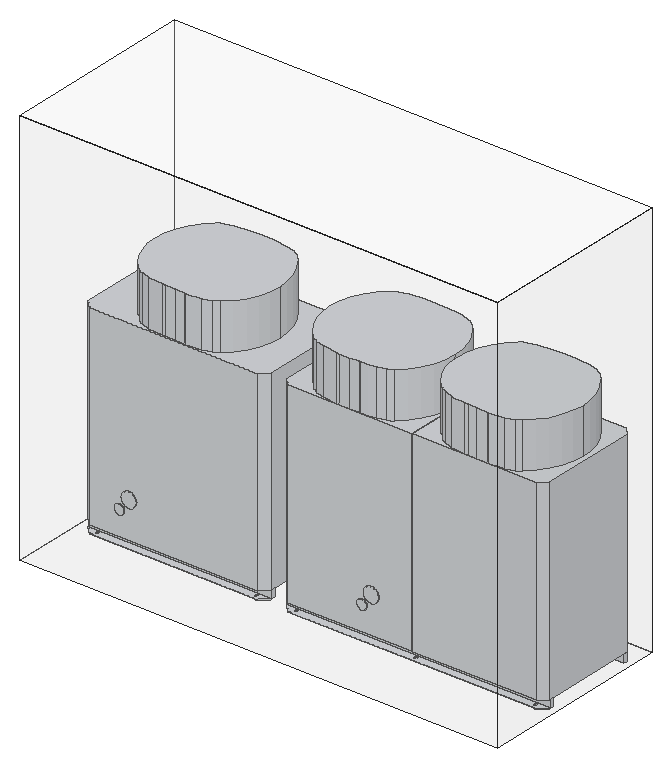
Revit family "pury-sep224_500(s)dmg9_50Hz", category 機械設備, Revit 2019 (continued)
Definition of nested family "筐体モジュール.（R2高効率）"
  Lines and regions (mm)
    symbolic lines, visible <- "ユニット4X"
      curve 301: arc (-694.112, 316.106, 0) -> (-802.132, 174.18, 0) -> (-840.507, 0, 0) r 414.476
      curve 302: arc (-840.507, 0, 0) -> (-802.132, -174.18, 0) -> (-694.112, -316.106, 0) r 414.476
      curve 303: arc (-694.112, -316.106, 0) -> (-676.871, -327.278, 0) -> (-658.4, -336.274, 0) r 168.924
      curve 304: arc (-658.4, -336.274, 0) -> (-630.711, -346.28, 0) -> (-602.194, -353.601, 0) r 308.609
      curve 305: arc (-602.194, -353.601, 0) -> (-554.089, -361, 0) -> (-505.475, -363.367, 0) r 468.429
      curve 306: arc (-505.475, -363.367, 0) -> (-497.937, -363.425, 0) -> (-490.403, -363.142, 0) r 167.153
      curve 307: line (-490.403, -363.142, 0) -> (-426.031, -363.142, 0)
      curve 308: line (-426.031, -363.142, 0) -> (-361.659, -363.142, 0)
      curve 309: arc (-361.659, -363.142, 0) -> (-354.125, -363.425, 0) -> (-346.586, -363.367, 0) r 167.153
      curve 310: arc (-346.586, -363.367, 0) -> (-296.703, -360.87, 0) -> (-247.368, -353.076, 0) r 468.429
      curve 311: arc (-247.368, -353.076, 0) -> (-220.13, -345.901, 0) -> (-193.659, -336.274, 0) r 308.61
      curve 312: arc (-193.659, -336.274, 0) -> (-174.719, -327.333, 0) -> (-157.039, -316.106, 0) r 167.985
      curve 313: arc (-157.039, -316.106, 0) -> (-49.249, -174.112, 0) -> (-10.965, 0, 0) r 415.066
      curve 314: arc (-10.965, 0, 0) -> (-49.249, 174.112, 0) -> (-157.039, 316.106, 0) r 415.066
      curve 315: arc (-157.039, 316.106, 0) -> (-174.719, 327.333, 0) -> (-193.659, 336.274, 0) r 167.985
      curve 316: arc (-193.659, 336.274, 0) -> (-220.13, 345.901, 0) -> (-247.368, 353.076, 0) r 308.61
      curve 317: arc (-247.368, 353.076, 0) -> (-296.703, 360.87, 0) -> (-346.586, 363.367, 0) r 468.429
      curve 318: line (-346.586, 363.367, 0) -> (-426.031, 363.367, 0)
      curve 319: line (-426.031, 363.367, 0) -> (-505.475, 363.367, 0)
      curve 320: arc (-505.475, 363.367, 0) -> (-554.089, 361, 0) -> (-602.194, 353.601, 0) r 468.429
      curve 321: arc (-602.194, 353.601, 0) -> (-630.711, 346.28, 0) -> (-658.4, 336.274, 0) r 308.609
      curve 322: arc (-658.4, 336.274, 0) -> (-677.005, 327.516, 0) -> (-694.112, 316.106, 0) r 138.853
      curve 323: arc (840.507, 0, 0) -> (802.132, 174.18, 0) -> (694.112, 316.106, 0) r 414.476
      curve 324: arc (694.112, 316.106, 0) -> (677.005, 327.516, 0) -> (658.4, 336.274, 0) r 138.853
      curve 325: arc (658.4, 336.274, 0) -> (630.711, 346.28, 0) -> (602.194, 353.601, 0) r 308.609
      curve 326: arc (602.194, 353.601, 0) -> (554.089, 361, 0) -> (505.475, 363.367, 0) r 468.429
      curve 327: line (505.475, 363.367, 0) -> (426.031, 363.367, 0)
      curve 328: line (426.031, 363.367, 0) -> (346.586, 363.367, 0)
      curve 329: arc (346.586, 363.367, 0) -> (297.973, 361, 0) -> (249.868, 353.601, 0) r 468.429
      curve 330: arc (249.868, 353.601, 0) -> (221.351, 346.28, 0) -> (193.661, 336.274, 0) r 308.609
      curve 331: arc (193.661, 336.274, 0) -> (175.191, 327.278, 0) -> (157.949, 316.106, 0) r 168.924
      curve 332: arc (157.949, 316.106, 0) -> (49.93, 174.18, 0) -> (11.555, 0, 0) r 414.476
      curve 333: arc (11.555, 0, 0) -> (49.93, -174.18, 0) -> (157.949, -316.106, 0) r 414.476
      curve 334: arc (157.949, -316.106, 0) -> (175.191, -327.278, 0) -> (193.661, -336.274, 0) r 168.924
      curve 335: arc (193.661, -336.274, 0) -> (221.351, -346.28, 0) -> (249.868, -353.601, 0) r 308.609
      curve 336: arc (249.868, -353.601, 0) -> (297.973, -361, 0) -> (346.586, -363.367, 0) r 468.429
      curve 337: arc (346.586, -363.367, 0) -> (354.125, -363.425, 0) -> (361.659, -363.142, 0) r 167.153
      curve 338: line (361.659, -363.142, 0) -> (426.031, -363.142, 0)
      curve 339: line (426.031, -363.142, 0) -> (490.403, -363.142, 0)
      curve 340: arc (490.403, -363.142, 0) -> (497.937, -363.425, 0) -> (505.475, -363.367, 0) r 167.153
      curve 341: arc (505.475, -363.367, 0) -> (554.089, -361, 0) -> (602.194, -353.601, 0) r 468.429
      curve 342: arc (602.194, -353.601, 0) -> (630.711, -346.28, 0) -> (658.4, -336.274, 0) r 308.609
      curve 343: arc (658.4, -336.274, 0) -> (676.871, -327.278, 0) -> (694.112, -316.106, 0) r 168.924
      curve 344: arc (694.112, -316.106, 0) -> (802.132, -174.18, 0) -> (840.507, 0, 0) r 414.476
      curve 345: line (-875, 320.831, 0) -> (-875, -320.583, 0)
      curve 346: line (-825.831, 370, 0) -> (-875, 320.831, 0)
      curve 347: line (-875, -320.583, 0) -> (-825.583, -370, 0)
      curve 348: line (825.831, 370, 0) -> (-825.831, 370, 0)
      curve 349: line (875, 320.831, 0) -> (825.831, 370, 0)
      curve 350: line (875, -320.583, 0) -> (875, 320.831, 0)
      curve 351: line (825.583, -370, 0) -> (875, -320.583, 0)
      curve 352: line (-825.583, -370, 0) -> (825.583, -370, 0)
      curve 353: line (4.756, 370, 0) -> (4.756, -370, 0)
      curve 354: line (-4.756, -370, 0) -> (-4.756, 370, 0)
  Dimensions and locks
    "Depth": plane 4 to plane 5
    equal spacing: plane 4, plane 1 "中心(正面/背面)", plane 5
    "W": plane 6 to plane 21
    locked: plane 11 "本体下部" to plane 2 at 54
    plane 4 to plane 9 to plane 10 to plane 14 to plane 13 to plane 12 = 57 mm locked, 20 mm locked, 586 mm locked, 20 mm locked, 57 mm locked
    locked: plane 12 to plane 15 at 29.5
    locked: plane 4 to plane 17 at 29.5
    "冷媒液_Z": plane 18 "電源高さ" to level
    plane 8 to plane 7 = 303 mm
    plane 7 to plane 2 = 1347 mm
    "Height": plane 8 to plane 2
    "冷媒管径_Z": level to plane 19 "冷媒管高さ"
    locked: plane 6 to plane 16 at 80
    locked: plane 11 "本体下部" to plane 20 "冷媒操作弁ガス芯4" at 1
    equal spacing: plane 6, plane 3 "中心(左/右)", plane 21
    equal spacing: plane 22, plane 3 "中心(左/右)", plane 23
    "Width": plane 22 to plane 23
    "冷媒ガス_Y": plane 4 to plane 27
    "冷媒管径_Y": plane 4 to plane 28
    "冷媒液_Y": plane 4 to plane 29
    "冷媒ガス_Z": plane 30 to level
    "冷媒液_X": plane 22 to plane 24
    "冷媒管径_X": plane 22 to plane 25
    "冷媒ガス_X": plane 24 to plane 26
    locked: plane 31 to plane 21 at 80
    "冷媒ガス管径": diameter of Extrusion 8 sketch curve
    "冷媒液管径": diameter of Extrusion 7 sketch curve
    "冷媒管径": diameter of Extrusion 6 sketch curve
    "冷媒管径": diameter of Extrusion 5 sketch curve
    aligned and locked: Extrusion 1 to plane 6
    aligned and locked: curve 3 to plane 6
    aligned and locked: plane 10 to Extrusion 2 sketch curve
    aligned and locked: plane 6 to Extrusion 2 sketch curve
    aligned and locked: Extrusion 2 sketch curve to plane 9
    aligned and locked: Extrusion 1 to plane 11 "本体下部"
    aligned and locked: plane 11 "本体下部" to Extrusion 1  (x2)
    aligned and locked: plane 7 to Extrusion 1
    aligned and locked: plane 4 to Extrusion 4
    aligned and locked: plane 9 to Extrusion 2
    aligned and locked: plane 11 "本体下部" to Extrusion 6
    aligned and locked: Extrusion 7 to plane 20 "冷媒操作弁ガス芯4"
    aligned and locked: plane 11 "本体下部" to Extrusion 7
    aligned and locked: plane 11 "本体下部" to Extrusion 8
    aligned and locked: Extrusion 7 to Extrusion 8
    aligned and locked: Extrusion 7 to Extrusion 6
    aligned and locked: Extrusion 1 sketch curve to plane 21
    aligned and locked: Extrusion 1 sketch curve to plane 12
    aligned and locked: Extrusion 1 sketch curve to plane 4
    aligned and locked: Extrusion 1 sketch curve to Extrusion 4
    aligned and locked: curve 203 to plane 21
    aligned and locked: plane 25 to Extrusion 6 sketch curve
    aligned and locked: plane 28 to Extrusion 6 sketch curve
    aligned and locked: plane 26 to Extrusion 8 sketch curve
    aligned and locked: plane 27 to Extrusion 8 sketch curve
    aligned and locked: plane 29 to Extrusion 7 sketch curve
    aligned and locked: plane 24 to Extrusion 7 sketch curve
    aligned and locked: plane 19 "冷媒管高さ" to Extrusion 5 sketch curve
    aligned and locked: plane 25 to Extrusion 5 sketch curve
    aligned and locked: curve 301 to Extrusion 11
    aligned and locked: curve 302 to Extrusion 11
    aligned and locked: curve 303 to Extrusion 11
    aligned and locked: curve 304 to Extrusion 11
    aligned and locked: curve 305 to Extrusion 11
    aligned and locked: curve 306 to Extrusion 11
    aligned and locked: curve 307 to Extrusion 11
    aligned and locked: curve 308 to Extrusion 11
    aligned and locked: curve 309 to Extrusion 11
    aligned and locked: curve 310 to Extrusion 11
    aligned and locked: curve 311 to Extrusion 11
    aligned and locked: curve 312 to Extrusion 11
    aligned and locked: curve 313 to Extrusion 11
    aligned and locked: curve 314 to Extrusion 11
    aligned and locked: curve 315 to Extrusion 11
    aligned and locked: curve 316 to Extrusion 11
    aligned and locked: curve 317 to Extrusion 11
    aligned and locked: curve 318 to Extrusion 11
    aligned and locked: curve 319 to Extrusion 11
    aligned and locked: curve 320 to Extrusion 11
    aligned and locked: curve 321 to Extrusion 11
    aligned and locked: curve 322 to Extrusion 11
    aligned and locked: curve 323 to Extrusion 10
    aligned and locked: curve 324 to Extrusion 10
    aligned and locked: curve 325 to Extrusion 10
    aligned and locked: curve 326 to Extrusion 10
    aligned and locked: curve 327 to Extrusion 10
    aligned and locked: curve 328 to Extrusion 10
    aligned and locked: curve 329 to Extrusion 10
    aligned and locked: curve 330 to Extrusion 10
    aligned and locked: curve 331 to Extrusion 10
    aligned and locked: curve 332 to Extrusion 10
    aligned and locked: curve 333 to Extrusion 10
    aligned and locked: curve 334 to Extrusion 10
    aligned and locked: curve 335 to Extrusion 10
    aligned and locked: curve 336 to Extrusion 10
    aligned and locked: curve 337 to Extrusion 10
    aligned and locked: curve 338 to Extrusion 10
    aligned and locked: curve 339 to Extrusion 10
    aligned and locked: curve 340 to Extrusion 10
    aligned and locked: curve 341 to Extrusion 10
    aligned and locked: curve 342 to Extrusion 10
    aligned and locked: curve 343 to Extrusion 10
    aligned and locked: curve 344 to Extrusion 10
    aligned and locked: curve 345 to Extrusion 1
    aligned and locked: curve 346 to Extrusion 1
    aligned and locked: curve 347 to Extrusion 1
    aligned and locked: curve 348 to Extrusion 9
    aligned and locked: curve 349 to Extrusion 1
    aligned and locked: curve 350 to Extrusion 1
    aligned and locked: curve 351 to Extrusion 1
    aligned and locked: curve 352 to Extrusion 4
    aligned and locked: curve 353 to Extrusion 1
    aligned and locked: curve 354 to Extrusion 1
    aligned and locked: plane 17 to nested 2
    aligned and locked: plane 15 to nested 2
    aligned and locked: plane 16 to nested 2
    aligned and locked: plane 31 to nested 1
    aligned and locked: plane 17 to nested 1
    aligned and locked: plane 15 to nested 1
    aligned and locked: plane 3 "中心(左/右)" to nested 2
    aligned and locked: plane 3 "中心(左/右)" to nested 1
    aligned and locked: Masking region 1 sketch curve to curve 346
    aligned and locked: Masking region 1 sketch curve to curve 345
    aligned and locked: Masking region 1 sketch curve to curve 347
    aligned and locked: Masking region 1 sketch curve to curve 352
    aligned and locked: Masking region 1 sketch curve to curve 351
    aligned and locked: Masking region 1 sketch curve to curve 350
    aligned and locked: Masking region 1 sketch curve to curve 349
    aligned and locked: Masking region 1 sketch curve to curve 348
  Automatic sketch dimensions
    Extrusion 2 sketch curve to plane 21 = 0 mm
    Extrusion 3 sketch curve to plane 6 = 0 mm
    Extrusion 3 sketch curve to plane 13 = 0 mm
    Extrusion 3 sketch curve to plane 21 = 0 mm
    Extrusion 3 sketch curve to plane 14 = 0 mm
    Extrusion 10 sketch curve to Extrusion 10 sketch curve = 0 mm  (x4)
    plane 1 "中心(正面/背面)" to Extrusion 10 sketch curve = 0 mm  (x2)
    Extrusion 10 sketch curve to plane 21 = 266.274 mm
    Extrusion 10 sketch curve to plane 21 = 281.195 mm
    Extrusion 10 sketch curve to plane 1 "中心(正面/背面)" = 51.367 mm  (x2)
    Extrusion 10 sketch curve to Extrusion 10 sketch curve = 68.933 mm
    plane 1 "中心(正面/背面)" to Extrusion 10 sketch curve = 51.367 mm  (x2)
    Extrusion 10 sketch curve to Extrusion 10 sketch curve = 32.763 mm  (x4)
    plane 5 to Extrusion 10 sketch curve = 6.633 mm
    Extrusion 10 sketch curve to Extrusion 10 sketch curve = 103.251 mm
    Extrusion 10 sketch curve to Extrusion 10 sketch curve = 6.599 mm  (x2)
    Extrusion 10 sketch curve to plane 4 = 6.858 mm
    Extrusion 10 sketch curve to Extrusion 10 sketch curve = 10.027 mm
    Extrusion 10 sketch curve to Extrusion 10 sketch curve = 113.762 mm
    Extrusion 10 sketch curve to Extrusion 10 sketch curve = 64.372 mm  (x2)
    Extrusion 10 sketch curve to Extrusion 10 sketch curve = 79.445 mm  (x2)
    Extrusion 10 sketch curve to Extrusion 10 sketch curve = 148.799 mm
    Extrusion 10 sketch curve to Extrusion 10 sketch curve = 80.998 mm
    Extrusion 10 sketch curve to Extrusion 10 sketch curve = 86.775 mm
    Extrusion 10 sketch curve to Extrusion 10 sketch curve = 93.374 mm
    Extrusion 10 sketch curve to Extrusion 10 sketch curve = 155.243 mm
    Extrusion 10 sketch curve to plane 14 = 112.812 mm
    Extrusion 10 sketch curve to plane 1 "中心(正面/背面)" = 105.059 mm
    Extrusion 10 sketch curve to Extrusion 10 sketch curve = 53.692 mm  (x3)
    Extrusion 10 sketch curve to plane 17 = 4.226 mm  (x2)
    Extrusion 10 sketch curve to Extrusion 10 sketch curve = 64.596 mm
    Extrusion 10 sketch curve to plane 15 = 4.226 mm  (x2)
    Extrusion 10 sketch curve to Extrusion 10 sketch curve = 49.674 mm
    plane 13 to Extrusion 10 sketch curve = 3.106 mm
    plane 17 to Extrusion 10 sketch curve = 13.101 mm  (x2)
    Extrusion 10 sketch curve to plane 4 = 6.633 mm
    plane 15 to Extrusion 10 sketch curve = 13.101 mm
    plane 9 to Extrusion 10 sketch curve = 3.106 mm
    Extrusion 11 sketch curve to Extrusion 11 sketch curve = 0 mm  (x3)
    Extrusion 11 sketch curve to plane 1 "中心(正面/背面)" = 0 mm
    plane 1 "中心(正面/背面)" to Extrusion 11 sketch curve = 0 mm
    plane 1 "中心(正面/背面)" to Extrusion 11 sketch curve = 51.367 mm  (x2)
    Extrusion 11 sketch curve to Extrusion 11 sketch curve = 32.763 mm  (x4)
    plane 5 to Extrusion 11 sketch curve = 6.633 mm
    Extrusion 11 sketch curve to Extrusion 11 sketch curve = 6.599 mm  (x2)
    Extrusion 11 sketch curve to plane 4 = 6.858 mm
    Extrusion 11 sketch curve to Extrusion 11 sketch curve = 113.762 mm  (x2)
    Extrusion 11 sketch curve to Extrusion 11 sketch curve = 64.372 mm  (x2)
    Extrusion 11 sketch curve to Extrusion 11 sketch curve = 79.445 mm  (x2)
    Extrusion 11 sketch curve to Extrusion 11 sketch curve = 91.232 mm  (x2)
    Extrusion 11 sketch curve to Extrusion 11 sketch curve = 53.692 mm  (x3)
    Extrusion 11 sketch curve to plane 1 "中心(正面/背面)" = 51.367 mm  (x2)
    Extrusion 11 sketch curve to Extrusion 11 sketch curve = 75.129 mm
    Extrusion 11 sketch curve to Extrusion 11 sketch curve = 101.551 mm
    Extrusion 11 sketch curve to plane 17 = 4.226 mm  (x2)
    Extrusion 11 sketch curve to Extrusion 11 sketch curve = 64.596 mm
    Extrusion 11 sketch curve to plane 15 = 4.226 mm  (x2)
    Extrusion 11 sketch curve to Extrusion 11 sketch curve = 49.674 mm
    plane 13 to Extrusion 11 sketch curve = 3.106 mm
    plane 17 to Extrusion 11 sketch curve = 13.101 mm
    Extrusion 11 sketch curve to plane 4 = 6.633 mm
    plane 9 to Extrusion 11 sketch curve = 3.106 mm
    Extrusion 11 sketch curve to Extrusion 11 sketch curve = 80.998 mm
    Extrusion 11 sketch curve to Extrusion 11 sketch curve = 93.374 mm
    Extrusion 11 sketch curve to Extrusion 11 sketch curve = 101.697 mm
    plane 16 to Extrusion 11 sketch curve = 186.274 mm
    Extrusion 11 sketch curve to Extrusion 11 sketch curve = 152.925 mm
    Extrusion 11 sketch curve to Extrusion 11 sketch curve = 111.791 mm
    Extrusion 11 sketch curve to Extrusion 11 sketch curve = 148.799 mm
    Extrusion 11 sketch curve to Extrusion 11 sketch curve = 89.275 mm
    Extrusion 11 sketch curve to Extrusion 11 sketch curve = 95.874 mm
    plane 15 to Extrusion 11 sketch curve = 12.576 mm
    plane 17 to Extrusion 11 sketch curve = 12.576 mm
    Extrusion 10 sketch curve to Extrusion 10 sketch curve = 75.129 mm  (x2)
    Extrusion 11 sketch curve to Extrusion 11 sketch curve = 16.103 mm  (x2)
    Extrusion 10 sketch curve to Extrusion 10 sketch curve = 91.232 mm  (x2)
    Extrusion 11 sketch curve to plane 10 = 96.709 mm
    Extrusion 9 sketch curve to plane 6 = 0 mm
    plane 5 to Extrusion 9 sketch curve = 0 mm
    Extrusion 9 sketch curve to plane 16 = 0 mm
    Extrusion 9 sketch curve to plane 3 "中心(左/右)" = 0 mm
    Extrusion 9 sketch curve to plane 21 = 0 mm
    Extrusion 9 sketch curve to plane 13 = 0 mm
    plane 16 to Extrusion 9 sketch curve = 30.583 mm
    Extrusion 9 sketch curve to plane 15 = 3 mm  (x3)
    Extrusion 9 sketch curve to Extrusion 9 sketch curve = 7 mm  (x3)
    plane 15 to Extrusion 9 sketch curve = 3 mm  (x3)
    plane 21 to Extrusion 9 sketch curve = 87 mm
    Extrusion 9 sketch curve to Extrusion 9 sketch curve = 23.583 mm
    Extrusion 9 sketch curve to plane 13 = 7.583 mm  (x2)
    Extrusion 1 sketch curve to plane 6 = 0 mm
    plane 5 to Extrusion 1 sketch curve = 0 mm
    plane 4 to Extrusion 1 sketch curve = 0 mm
    Extrusion 1 sketch curve to plane 16 = 30.831 mm
    Extrusion 1 sketch curve to plane 16 = 30.583 mm
    Extrusion 1 sketch curve to plane 3 "中心(左/右)" = 4.756 mm
    plane 3 "中心(左/右)" to Extrusion 1 sketch curve = 4.756 mm
    Extrusion 1 sketch curve to plane 21 = 49.169 mm
    plane 9 to Extrusion 1 sketch curve = 7.583 mm
    plane 13 to Extrusion 1 sketch curve = 7.831 mm  (x2)
    Extrusion 4 sketch curve to plane 6 = 0 mm
    plane 4 to Extrusion 4 sketch curve = 0 mm
    Extrusion 4 sketch curve to plane 16 = 0 mm
    Extrusion 4 sketch curve to plane 3 "中心(左/右)" = 0 mm
    Extrusion 4 sketch curve to plane 21 = 0 mm
    plane 9 to Extrusion 4 sketch curve = 0 mm
    Extrusion 4 sketch curve to plane 16 = 30.583 mm
    plane 17 to Extrusion 4 sketch curve = 3 mm  (x3)
    Extrusion 4 sketch curve to Extrusion 4 sketch curve = 7 mm  (x3)
    Extrusion 4 sketch curve to plane 17 = 3 mm  (x3)
    Extrusion 4 sketch curve to plane 21 = 87 mm
    Extrusion 4 sketch curve to Extrusion 4 sketch curve = 23.583 mm
    plane 9 to Extrusion 4 sketch curve = 7.583 mm  (x2)
    curve 306 to curve 307 = 64.372 mm
    curve 319 to curve 317 = 79.445 mm
    curve 337 to curve 338 = 64.372 mm
    curve 328 to curve 328 = 79.445 mm
  Nested families
    nested 1: "固定点" at (0, -340.5, 0), visible <- "ユニット4X", type "固定点", detail levels fine
      with W 795 mm, D 681 mm
    nested 2: "固定点" at (-795, -340.5, 0), visible <- "ユニット4X", type "固定点", detail levels fine
      with W 795 mm, D 681 mm
  Definition of nested family "固定点"
    Parameters (values of type "固定点")
      中心円 = 20 mm
      W [instance] = 1000 mm
      D [instance] = 1000 mm
    Reference planes
      plane 1 "中心(正面/背面)": y = 0
      plane 2: z = 0
      plane 3 "中心(左/右)": x = 0
      plane 4: x = 1000
      plane 5: y = 1000
    Lines and regions (mm)
      symbolic lines, detail levels fine
        curve 1: circle (0, 1000, 0) r 10 normal (0, 0, 1)
        curve 2: circle (0, 0, 0) r 10 normal (0, 0, 1)
        curve 3: circle (1000, 1000, 0) r 10 normal (0, 0, 1)
        curve 4: circle (1000, 0, 0) r 10 normal (0, 0, 1)
        curve 5: line (-200, 1000, 0) -> (1200, 1000, 0)
        curve 6: line (-200, 0, 0) -> (1200, 0, 0)
        curve 7: line (0, 1200, 0) -> (0, -200, 0)
        curve 8: line (1000, 1200, 0) -> (1000, -200, 0)
    Dimensions and locks
      "W": plane 3 "中心(左/右)" to plane 4
      "D": plane 1 "中心(正面/背面)" to plane 5
      "中心円": diameter of curve 1
      "中心円": diameter of curve 2
      "中心円": diameter of curve 3
      "中心円": diameter of curve 4
      aligned and locked: level to plane 2
      aligned and locked: plane 5 to curve 1
      aligned and locked: plane 3 "中心(左/右)" to curve 1
      aligned and locked: plane 3 "中心(左/右)" to curve 2
      aligned and locked: plane 1 "中心(正面/背面)" to curve 2
      aligned and locked: plane 4 to curve 3
      aligned and locked: plane 5 to curve 3
      aligned and locked: plane 1 "中心(正面/背面)" to curve 4
      aligned and locked: plane 4 to curve 4
      aligned and locked: plane 1 "中心(正面/背面)" to curve 6
      aligned and locked: curve 7 to plane 3 "中心(左/右)"
      aligned and locked: curve 8 to plane 4
    Automatic sketch dimensions
      curve 5 to plane 5 = 0 mm
      curve 6 to plane 3 "中心(左/右)" = 200 mm
      curve 5 to plane 3 "中心(左/右)" = 200 mm
      curve 4 to curve 6 = 200 mm
      curve 3 to curve 5 = 200 mm
      plane 1 "中心(正面/背面)" to curve 8 = 200 mm
      plane 1 "中心(正面/背面)" to curve 7 = 200 mm
      curve 3 to curve 8 = 200 mm
      curve 1 to curve 7 = 200 mm
Definition of nested family "筐体モジュール（R2高効率）"
  Parameters (values of type "280筐体")
    冷媒管径_Z [instance] = 294.5 mm
    冷媒管径_Y [instance] = 146 mm
    冷媒管径_X [instance] = 314 mm
    冷媒管径 [instance] = 100 mm
    冷媒液管径 [instance] = 19.05 mm
    冷媒液_Z [instance] = 327 mm
    冷媒液_Y [instance] = 146 mm
    冷媒液_X [instance] = 244 mm
    冷媒ガス管径 [instance] = 22.2 mm
    冷媒ガス_Z [instance] = 262 mm
    冷媒ガス_Y [instance] = 146 mm
    冷媒ガス_X [instance] = 140 mm
    ユニット234X [instance] = and(ユニット2, or(Width = 920 mm, Width = 1220 mm))  # yes
    ユニット2 [instance] = yes
    Width [instance] = 1220 mm
    W = 1220 mm
    Height [instance] = 1650 mm
    Depth [instance] = 740 mm
  Types (4, lengths in mm): name | 冷媒管径_X | 冷媒液管径 | 冷媒液_X | 冷媒ガス管径 | Width | W
    335筐体 | 314 | 19.05 | 244 | 22.2 | 1220 | 1220
    224筐体 | 264 | 15.88 | 194 | 19.05 | 920 | 920
    280筐体 | 314 | 19.05 | 244 | 22.2 | 1220 | 1220
    400筐体 | 314 | 19.05 | 244 | 25.4 | 1220 | 1220
  Reference planes
    plane 1 "中心(正面/背面)": y = 0
    plane 2: z = 0
    plane 3 "中心(左/右)": x = 0
    plane 4: y = -370
    plane 5: x = 610
    plane 6: y = 370
    plane 7: x = -610
    plane 8: z = 1347
    plane 9: z = 1650
    plane 10: y = -313
    plane 11: y = -293
    plane 12 "本体下部": z = 54
    plane 13: y = 370
    plane 14: y = 313
    plane 15: y = 293
    plane 16: y = 340.5
    plane 17: x = -530
    plane 18: x = 530
    plane 19: y = -340.5
    plane 20 "電源高さ": z = 327
    plane 21: x = -296
    plane 22 "冷媒操作弁液芯1": x = -366
    plane 23 "冷媒操作弁ガス芯1": x = -226
    plane 24 "冷媒管高さ": z = 294.5
    plane 25 "冷媒操作弁ガス芯4": z = 53
    plane 26: x = -610
    plane 27: x = 610
    plane 28: y = -224
    plane 29: y = -224
    plane 30: z = 262
    plane 31: y = -224
  Forms (mm)
    Extrusion 1, solid, visible <- "ユニット234X", detail levels fine
      sketch origin (0, 0, 0) x (1, 0, 0) y (0, 1, 0)
        loop
          line (-558.343, 370) -> (-610, 318.843) -> (-610, -318.843) -> (-558.343, -370) -> (558.343, -370) -> (610, -318.843) -> (610, 318.843) -> (558.343, 370) -> (-558.343, 370)
      from 54 to 1347
    Extrusion 2, solid, visible <- "ユニット234X", detail levels fine
      sketch origin (0, 0, 0) x (1, 0, 0) y (0, 1, 0)
        loop
          line (-610, -293) -> (-610, -313) -> (610, -313) -> (610, -293) -> (-610, -293)
      from 0 to 54
    Extrusion 3, solid, visible <- "ユニット234X", detail levels fine
      sketch origin (0, 0, 0) x (1, 0, 0) y (0, 1, 0)
        loop
          line (-610, 293) -> (610, 293) -> (610, 313) -> (-610, 313) -> (-610, 293)
      from 0 to 54
    Extrusion 4, solid, visible <- "ユニット234X", detail levels fine
      sketch origin (0, 0, 0) x (1, 0, 0) y (0, 1, 0)
        loop
          line (-610, 313) -> (610, 313) -> (610, 318.843) -> (558.343, 370) -> (-558.343, 370) -> (-610, 318.843) -> (-610, 313)
        loop
          arc (-523, 343.5) -> (-530, 350.5) -> (-537, 343.5) r 7
          line (-537, 343.5) -> (-537, 337.5)
          arc (-537, 337.5) -> (-530, 330.5) -> (-523, 337.5) r 7
          line (-523, 337.5) -> (-523, 343.5)
        loop
          arc (537, 343.5) -> (530, 350.5) -> (523, 343.5) r 7
          line (523, 343.5) -> (523, 337.5)
          arc (523, 337.5) -> (530, 330.5) -> (537, 337.5) r 7
          line (537, 337.5) -> (537, 343.5)
      from 0 to 2
    Extrusion 5, solid, visible <- "ユニット234X", detail levels fine
      sketch origin (0, 0, 0) x (1, 0, 0) y (0, 1, 0)
        loop
          line (-610, -313) -> (-610, -318.843) -> (-558.343, -370) -> (558.343, -370) -> (610, -318.843) -> (610, -313) -> (-610, -313)
        loop
          line (-523, -343.5) -> (-523, -337.5)
          arc (-523, -337.5) -> (-530, -330.5) -> (-537, -337.5) r 7
          line (-537, -337.5) -> (-537, -343.5)
          arc (-537, -343.5) -> (-530, -350.5) -> (-523, -343.5) r 7
        loop
          line (537, -343.5) -> (537, -337.5)
          arc (537, -337.5) -> (530, -330.5) -> (523, -337.5) r 7
          line (523, -337.5) -> (523, -343.5)
          arc (523, -343.5) -> (530, -350.5) -> (537, -343.5) r 7
      from 0 to 2
    Extrusion 6, solid, visible <- "ユニット234X", detail levels fine
      sketch origin (-299.5, 0, -2.5) x (1, 0, 0) y (0, 0, 1)
        loop
          circle (3.5, 297) r 50
      from 370 to 371
    Extrusion 7, solid, visible <- "ユニット234X", detail levels fine
      sketch origin (0, 0, 0) x (1, 0, 0) y (0, 1, 0)
        loop
          arc (-268.081, 316.106) -> (-376.101, 174.18) -> (-414.476, 0) r 414.476
          arc (-414.476, 0) -> (-376.101, -174.18) -> (-268.081, -316.106) r 414.476
          arc (-268.081, -316.106) -> (-250.84, -327.278) -> (-232.369, -336.274) r 168.924
          arc (-232.369, -336.274) -> (-204.68, -346.28) -> (-176.163, -353.601) r 308.609
          arc (-176.163, -353.601) -> (-128.058, -361) -> (-79.445, -363.367) r 468.429
          arc (-79.445, -363.367) -> (-71.906, -363.425) -> (-64.372, -363.142) r 167.153
          line (-64.372, -363.142) -> (0, -363.142) -> (64.372, -363.142)
          arc (64.372, -363.142) -> (71.906, -363.425) -> (79.445, -363.367) r 167.153
          arc (79.445, -363.367) -> (128.058, -361) -> (176.163, -353.601) r 468.429
          arc (176.163, -353.601) -> (204.68, -346.28) -> (232.369, -336.274) r 308.609
          arc (232.369, -336.274) -> (250.84, -327.278) -> (268.081, -316.106) r 168.924
          arc (268.081, -316.106) -> (376.101, -174.18) -> (414.476, 0) r 414.476
          arc (414.476, 0) -> (376.101, 174.18) -> (268.082, 316.106) r 414.476
          arc (268.082, 316.106) -> (250.84, 327.278) -> (232.369, 336.274) r 168.924
          arc (232.369, 336.274) -> (204.68, 346.28) -> (176.163, 353.601) r 308.609
          arc (176.163, 353.601) -> (128.058, 361) -> (79.445, 363.367) r 468.429
          line (79.445, 363.367) -> (0, 363.367) -> (-79.445, 363.367)
          arc (-79.445, 363.367) -> (-128.058, 361) -> (-176.163, 353.601) r 468.429
          arc (-176.163, 353.601) -> (-204.68, 346.28) -> (-232.369, 336.274) r 308.609
          arc (-232.369, 336.274) -> (-250.974, 327.516) -> (-268.081, 316.106) r 138.853
      from 1347 to 1650
    Extrusion 8, solid, visible <- "ユニット234X", detail levels fine
      sketch origin (0, 0, 0) x (1, 0, 0) y (0, 1, 0)
        loop
          circle (-296, -224) r 50
      from 53 to 54
    Extrusion 9, solid, visible <- "ユニット234X", detail levels fine
      sketch origin (0, 0, 0) x (1, 0, 0) y (0, 1, 0)
        loop
          circle (-366, -224) r 9.525
      from 53 to 54
    Extrusion 10, solid, visible <- "ユニット234X", detail levels fine
      sketch origin (0, 0, 0) x (1, 0, 0) y (0, 1, 0)
        loop
          circle (-226, -224) r 11.1
      from 53 to 54
  Lines and regions (mm)
    Masking region 1, visible <- "ユニット234X", detail levels coarse+medium
      outline origin (0, 0, 0) x (1, 0, 0) y (0, 1, 0)
        loop
          line (-558.343, 370) -> (-610, 318.843) -> (-610, -318.843) -> (-558.343, -370) -> (558.343, -370) -> (610, -318.843) -> (610, 318.843) -> (558.343, 370) -> (-558.343, 370)
    model lines, visible <- "ユニット234X", detail levels fine
      curve 1: line (610, 178.667, 1289.179) -> (610, 297.73, 1289.179)
      curve 2: line (610, 178.667, 1056.056) -> (610, 178.667, 1289.179)
      curve 3: line (610, 297.73, 1056.056) -> (610, 178.667, 1056.056)
      curve 4: line (610, 297.73, 1289.179) -> (610, 297.73, 1056.056)
      curve 5: line (610, 47.598, 1289.179) -> (610, 166.661, 1289.179)
      curve 6: line (610, 47.598, 1056.056) -> (610, 47.598, 1289.179)
      curve 7: line (610, 166.661, 1056.056) -> (610, 47.598, 1056.056)
      curve 8: line (610, 166.661, 1289.179) -> (610, 166.661, 1056.056)
      curve 9: line (610, -83.471, 1289.179) -> (610, 35.592, 1289.179)
      curve 10: line (610, -83.471, 1056.056) -> (610, -83.471, 1289.179)
      curve 11: line (610, 35.592, 1056.056) -> (610, -83.471, 1056.056)
      curve 12: line (610, 35.592, 1289.179) -> (610, 35.592, 1056.056)
      curve 13: line (610, -150.779, 1289.179) -> (610, -95.75, 1289.179)
      curve 14: line (610, -150.779, 1056.056) -> (610, -150.779, 1289.179)
      curve 15: line (610, -95.75, 1056.056) -> (610, -150.779, 1056.056)
      curve 16: line (610, -95.75, 1289.179) -> (610, -95.75, 1056.056)
      curve 17: line (610, -150.779, 1283.175) -> (610, -132.596, 1283.175)
      curve 18: line (610, -150.779, 1062.059) -> (610, -150.779, 1283.175)
      curve 19: line (610, -132.596, 1062.059) -> (610, -150.779, 1062.059)
      curve 20: line (610, -132.596, 1283.175) -> (610, -132.596, 1062.059)
      curve 21: line (610, 178.667, 1046.051) -> (610, 297.73, 1046.051)
      curve 22: line (610, 178.667, 812.928) -> (610, 178.667, 1046.051)
      curve 23: line (610, 297.73, 812.928) -> (610, 178.667, 812.928)
      curve 24: line (610, 297.73, 1046.051) -> (610, 297.73, 812.928)
      curve 25: line (610, 47.598, 1046.051) -> (610, 166.661, 1046.051)
      curve 26: line (610, 47.598, 812.928) -> (610, 47.598, 1046.051)
      curve 27: line (610, 166.661, 812.928) -> (610, 47.598, 812.928)
      curve 28: line (610, 166.661, 1046.051) -> (610, 166.661, 812.928)
      curve 29: line (610, -83.471, 1046.051) -> (610, 35.592, 1046.051)
      curve 30: line (610, -83.471, 812.928) -> (610, -83.471, 1046.051)
      curve 31: line (610, 35.592, 812.928) -> (610, -83.471, 812.928)
      curve 32: line (610, 35.592, 1046.051) -> (610, 35.592, 812.928)
      curve 33: line (610, -150.779, 1046.051) -> (610, -95.75, 1046.051)
      curve 34: line (610, -150.779, 812.928) -> (610, -150.779, 1046.051)
      curve 35: line (610, -95.75, 812.928) -> (610, -150.779, 812.928)
      curve 36: line (610, -95.75, 1046.051) -> (610, -95.75, 812.928)
      curve 37: line (610, -150.779, 1040.048) -> (610, -132.596, 1040.048)
      curve 38: line (610, -150.779, 818.931) -> (610, -150.779, 1040.048)
      curve 39: line (610, -132.596, 818.931) -> (610, -150.779, 818.931)
      curve 40: line (610, -132.596, 1040.048) -> (610, -132.596, 818.931)
      curve 41: line (610, 178.667, 802.923) -> (610, 297.73, 802.923)
      curve 42: line (610, 178.667, 569.8) -> (610, 178.667, 802.923)
      curve 43: line (610, 297.73, 569.8) -> (610, 178.667, 569.8)
      curve 44: line (610, 297.73, 802.923) -> (610, 297.73, 569.8)
      curve 45: line (610, 47.598, 802.923) -> (610, 166.661, 802.923)
      curve 46: line (610, 47.598, 569.8) -> (610, 47.598, 802.923)
      curve 47: line (610, 166.661, 569.8) -> (610, 47.598, 569.8)
      curve 48: line (610, 166.661, 802.923) -> (610, 166.661, 569.8)
      curve 49: line (610, -83.471, 802.923) -> (610, 35.592, 802.923)
      curve 50: line (610, -83.471, 569.8) -> (610, -83.471, 802.923)
      curve 51: line (610, 35.592, 569.8) -> (610, -83.471, 569.8)
      curve 52: line (610, 35.592, 802.923) -> (610, 35.592, 569.8)
      curve 53: line (610, -150.779, 802.923) -> (610, -95.75, 802.923)
      curve 54: line (610, -150.779, 569.8) -> (610, -150.779, 802.923)
      curve 55: line (610, -95.75, 569.8) -> (610, -150.779, 569.8)
      curve 56: line (610, -95.75, 802.923) -> (610, -95.75, 569.8)
      curve 57: line (610, -150.779, 796.92) -> (610, -132.596, 796.92)
      curve 58: line (610, -150.779, 575.803) -> (610, -150.779, 796.92)
      curve 59: line (610, -132.596, 575.803) -> (610, -150.779, 575.803)
      curve 60: line (610, -132.596, 796.92) -> (610, -132.596, 575.803)
      curve 61: line (610, 178.667, 559.795) -> (610, 297.73, 559.795)
      curve 62: line (610, 178.667, 326.672) -> (610, 178.667, 559.795)
      curve 63: line (610, 297.73, 326.672) -> (610, 178.667, 326.672)
      curve 64: line (610, 297.73, 559.795) -> (610, 297.73, 326.672)
      curve 65: line (610, 47.598, 559.795) -> (610, 166.661, 559.795)
      curve 66: line (610, 47.598, 326.672) -> (610, 47.598, 559.795)
      curve 67: line (610, 166.661, 326.672) -> (610, 47.598, 326.672)
      curve 68: line (610, 166.661, 559.795) -> (610, 166.661, 326.672)
      curve 69: line (610, -83.471, 559.795) -> (610, 35.592, 559.795)
      curve 70: line (610, -83.471, 326.672) -> (610, -83.471, 559.795)
      curve 71: line (610, 35.592, 326.672) -> (610, -83.471, 326.672)
      curve 72: line (610, 35.592, 559.795) -> (610, 35.592, 326.672)
      curve 73: line (610, -150.779, 559.795) -> (610, -95.75, 559.795)
      curve 74: line (610, -150.779, 326.672) -> (610, -150.779, 559.795)
      curve 75: line (610, -95.75, 326.672) -> (610, -150.779, 326.672)
      curve 76: line (610, -95.75, 559.795) -> (610, -95.75, 326.672)
      curve 77: line (610, -150.779, 553.792) -> (610, -132.596, 553.792)
      curve 78: line (610, -150.779, 332.675) -> (610, -150.779, 553.792)
      curve 79: line (610, -132.596, 332.675) -> (610, -150.779, 332.675)
      curve 80: line (610, -132.596, 553.792) -> (610, -132.596, 332.675)
      curve 81: line (610, 178.667, 316.667) -> (610, 297.73, 316.667)
      curve 82: line (610, 178.667, 83.544) -> (610, 178.667, 316.667)
      curve 83: line (610, 297.73, 83.544) -> (610, 178.667, 83.544)
      curve 84: line (610, 297.73, 316.667) -> (610, 297.73, 83.544)
      curve 85: line (610, 47.598, 316.667) -> (610, 166.661, 316.667)
      curve 86: line (610, 47.598, 83.544) -> (610, 47.598, 316.667)
      curve 87: line (610, 166.661, 83.544) -> (610, 47.598, 83.544)
      curve 88: line (610, 166.661, 316.667) -> (610, 166.661, 83.544)
      curve 89: line (610, -83.471, 316.667) -> (610, 35.592, 316.667)
      curve 90: line (610, -83.471, 83.544) -> (610, -83.471, 316.667)
      curve 91: line (610, 35.592, 83.544) -> (610, -83.471, 83.544)
      curve 92: line (610, 35.592, 316.667) -> (610, 35.592, 83.544)
      curve 93: line (610, -150.779, 316.667) -> (610, -95.75, 316.667)
      curve 94: line (610, -150.779, 83.544) -> (610, -150.779, 316.667)
      curve 95: line (610, -95.75, 83.544) -> (610, -150.779, 83.544)
      curve 96: line (610, -95.75, 316.667) -> (610, -95.75, 83.544)
      curve 97: line (610, -150.779, 310.664) -> (610, -132.596, 310.664)
      curve 98: line (610, -150.779, 89.547) -> (610, -150.779, 310.664)
      curve 99: line (610, -132.596, 89.547) -> (610, -150.779, 89.547)
      curve 100: line (610, -132.596, 310.664) -> (610, -132.596, 89.547)
      curve 101: line (-610, 178.667, 1289.179) -> (-610, 297.73, 1289.179)
      curve 102: line (-610, 178.667, 1056.056) -> (-610, 178.667, 1289.179)
      curve 103: line (-610, 297.73, 1056.056) -> (-610, 178.667, 1056.056)
      curve 104: line (-610, 297.73, 1289.179) -> (-610, 297.73, 1056.056)
      curve 105: line (-610, 47.598, 1289.179) -> (-610, 166.661, 1289.179)
      curve 106: line (-610, 47.598, 1056.056) -> (-610, 47.598, 1289.179)
      curve 107: line (-610, 166.661, 1056.056) -> (-610, 47.598, 1056.056)
      curve 108: line (-610, 166.661, 1289.179) -> (-610, 166.661, 1056.056)
      curve 109: line (-610, -83.471, 1289.179) -> (-610, 35.592, 1289.179)
      curve 110: line (-610, -83.471, 1056.056) -> (-610, -83.471, 1289.179)
      curve 111: line (-610, 35.592, 1056.056) -> (-610, -83.471, 1056.056)
      curve 112: line (-610, 35.592, 1289.179) -> (-610, 35.592, 1056.056)
      curve 113: line (-610, -150.779, 1289.179) -> (-610, -95.75, 1289.179)
      curve 114: line (-610, -150.779, 1056.056) -> (-610, -150.779, 1289.179)
      curve 115: line (-610, -95.75, 1056.056) -> (-610, -150.779, 1056.056)
      curve 116: line (-610, -95.75, 1289.179) -> (-610, -95.75, 1056.056)
      curve 117: line (-610, -150.779, 1283.175) -> (-610, -132.596, 1283.175)
      curve 118: line (-610, -150.779, 1062.059) -> (-610, -150.779, 1283.175)
      curve 119: line (-610, -132.596, 1062.059) -> (-610, -150.779, 1062.059)
      curve 120: line (-610, -132.596, 1283.175) -> (-610, -132.596, 1062.059)
      curve 121: line (-610, 178.667, 1046.051) -> (-610, 297.73, 1046.051)
      curve 122: line (-610, 178.667, 812.928) -> (-610, 178.667, 1046.051)
      curve 123: line (-610, 297.73, 812.928) -> (-610, 178.667, 812.928)
      curve 124: line (-610, 297.73, 1046.051) -> (-610, 297.73, 812.928)
      curve 125: line (-610, 47.598, 1046.051) -> (-610, 166.661, 1046.051)
      curve 126: line (-610, 47.598, 812.928) -> (-610, 47.598, 1046.051)
      curve 127: line (-610, 166.661, 812.928) -> (-610, 47.598, 812.928)
      curve 128: line (-610, 166.661, 1046.051) -> (-610, 166.661, 812.928)
      curve 129: line (-610, -83.471, 1046.051) -> (-610, 35.592, 1046.051)
      curve 130: line (-610, -83.471, 812.928) -> (-610, -83.471, 1046.051)
      curve 131: line (-610, 35.592, 812.928) -> (-610, -83.471, 812.928)
      curve 132: line (-610, 35.592, 1046.051) -> (-610, 35.592, 812.928)
      curve 133: line (-610, -150.779, 1046.051) -> (-610, -95.75, 1046.051)
      curve 134: line (-610, -150.779, 812.928) -> (-610, -150.779, 1046.051)
      curve 135: line (-610, -95.75, 812.928) -> (-610, -150.779, 812.928)
      curve 136: line (-610, -95.75, 1046.051) -> (-610, -95.75, 812.928)
      curve 137: line (-610, -150.779, 1040.048) -> (-610, -132.596, 1040.048)
      curve 138: line (-610, -150.779, 818.931) -> (-610, -150.779, 1040.048)
      curve 139: line (-610, -132.596, 818.931) -> (-610, -150.779, 818.931)
      curve 140: line (-610, -132.596, 1040.048) -> (-610, -132.596, 818.931)
      curve 141: line (-610, 178.667, 802.923) -> (-610, 297.73, 802.923)
      curve 142: line (-610, 178.667, 569.8) -> (-610, 178.667, 802.923)
      curve 143: line (-610, 297.73, 569.8) -> (-610, 178.667, 569.8)
      curve 144: line (-610, 297.73, 802.923) -> (-610, 297.73, 569.8)
      curve 145: line (-610, 47.598, 802.923) -> (-610, 166.661, 802.923)
      curve 146: line (-610, 47.598, 569.8) -> (-610, 47.598, 802.923)
      curve 147: line (-610, 166.661, 569.8) -> (-610, 47.598, 569.8)
      curve 148: line (-610, 166.661, 802.923) -> (-610, 166.661, 569.8)
      curve 149: line (-610, -83.471, 802.923) -> (-610, 35.592, 802.923)
      curve 150: line (-610, -83.471, 569.8) -> (-610, -83.471, 802.923)
      curve 151: line (-610, 35.592, 569.8) -> (-610, -83.471, 569.8)
      curve 152: line (-610, 35.592, 802.923) -> (-610, 35.592, 569.8)
      curve 153: line (-610, -150.779, 802.923) -> (-610, -95.75, 802.923)
      curve 154: line (-610, -150.779, 569.8) -> (-610, -150.779, 802.923)
      curve 155: line (-610, -95.75, 569.8) -> (-610, -150.779, 569.8)
      curve 156: line (-610, -95.75, 802.923) -> (-610, -95.75, 569.8)
      curve 157: line (-610, -150.779, 796.92) -> (-610, -132.596, 796.92)
      curve 158: line (-610, -150.779, 575.803) -> (-610, -150.779, 796.92)
      curve 159: line (-610, -132.596, 575.803) -> (-610, -150.779, 575.803)
      curve 160: line (-610, -132.596, 796.92) -> (-610, -132.596, 575.803)
      curve 161: line (-610, 178.667, 559.795) -> (-610, 297.73, 559.795)
      curve 162: line (-610, 178.667, 326.672) -> (-610, 178.667, 559.795)
      curve 163: line (-610, 297.73, 326.672) -> (-610, 178.667, 326.672)
      curve 164: line (-610, 297.73, 559.795) -> (-610, 297.73, 326.672)
      curve 165: line (-610, 47.598, 559.795) -> (-610, 166.661, 559.795)
      curve 166: line (-610, 47.598, 326.672) -> (-610, 47.598, 559.795)
      curve 167: line (-610, 166.661, 326.672) -> (-610, 47.598, 326.672)
      curve 168: line (-610, 166.661, 559.795) -> (-610, 166.661, 326.672)
      curve 169: line (-610, -83.471, 559.795) -> (-610, 35.592, 559.795)
      curve 170: line (-610, -83.471, 326.672) -> (-610, -83.471, 559.795)
      curve 171: line (-610, 35.592, 326.672) -> (-610, -83.471, 326.672)
      curve 172: line (-610, 35.592, 559.795) -> (-610, 35.592, 326.672)
      curve 173: line (-610, -150.779, 559.795) -> (-610, -95.75, 559.795)
      curve 174: line (-610, -150.779, 326.672) -> (-610, -150.779, 559.795)
      curve 175: line (-610, -95.75, 326.672) -> (-610, -150.779, 326.672)
      curve 176: line (-610, -95.75, 559.795) -> (-610, -95.75, 326.672)
      curve 177: line (-610, -150.779, 553.792) -> (-610, -132.596, 553.792)
      curve 178: line (-610, -150.779, 332.675) -> (-610, -150.779, 553.792)
      curve 179: line (-610, -132.596, 332.675) -> (-610, -150.779, 332.675)
      curve 180: line (-610, -132.596, 553.792) -> (-610, -132.596, 332.675)
      curve 181: line (-610, 178.667, 316.667) -> (-610, 297.73, 316.667)
      curve 182: line (-610, 178.667, 83.544) -> (-610, 178.667, 316.667)
      curve 183: line (-610, 297.73, 83.544) -> (-610, 178.667, 83.544)
      curve 184: line (-610, 297.73, 316.667) -> (-610, 297.73, 83.544)
      curve 185: line (-610, 47.598, 316.667) -> (-610, 166.661, 316.667)
      curve 186: line (-610, 47.598, 83.544) -> (-610, 47.598, 316.667)
      curve 187: line (-610, 166.661, 83.544) -> (-610, 47.598, 83.544)
      curve 188: line (-610, 166.661, 316.667) -> (-610, 166.661, 83.544)
      curve 189: line (-610, -83.471, 316.667) -> (-610, 35.592, 316.667)
      curve 190: line (-610, -83.471, 83.544) -> (-610, -83.471, 316.667)
      curve 191: line (-610, 35.592, 83.544) -> (-610, -83.471, 83.544)
      curve 192: line (-610, 35.592, 316.667) -> (-610, 35.592, 83.544)
      curve 193: line (-610, -150.779, 316.667) -> (-610, -95.75, 316.667)
      curve 194: line (-610, -150.779, 83.544) -> (-610, -150.779, 316.667)
      curve 195: line (-610, -95.75, 83.544) -> (-610, -150.779, 83.544)
      curve 196: line (-610, -95.75, 316.667) -> (-610, -95.75, 83.544)
      curve 197: line (-610, -150.779, 310.664) -> (-610, -132.596, 310.664)
      curve 198: line (-610, -150.779, 89.547) -> (-610, -150.779, 310.664)
      curve 199: line (-610, -132.596, 89.547) -> (-610, -150.779, 89.547)
      curve 200: line (-610, -132.596, 310.664) -> (-610, -132.596, 89.547)
    model lines, visible <- "ユニット234X", not visible, detail levels fine
      curve 201: line (460, 178.667, 1289.179) -> (460, 297.73, 1289.179)
      curve 202: line (460, 178.667, 1056.056) -> (460, 178.667, 1289.179)
      curve 203: line (460, 297.73, 1056.056) -> (460, 178.667, 1056.056)
      curve 204: line (460, 297.73, 1289.179) -> (460, 297.73, 1056.056)
      curve 205: line (460, 47.598, 1289.179) -> (460, 166.661, 1289.179)
      curve 206: line (460, 47.598, 1056.056) -> (460, 47.598, 1289.179)
      curve 207: line (460, 166.661, 1056.056) -> (460, 47.598, 1056.056)
      curve 208: line (460, 166.661, 1289.179) -> (460, 166.661, 1056.056)
      curve 209: line (460, -83.471, 1289.179) -> (460, 35.592, 1289.179)
      curve 210: line (460, -83.471, 1056.056) -> (460, -83.471, 1289.179)
      curve 211: line (460, 35.592, 1056.056) -> (460, -83.471, 1056.056)
      curve 212: line (460, 35.592, 1289.179) -> (460, 35.592, 1056.056)
      curve 213: line (460, -150.779, 1289.179) -> (460, -95.75, 1289.179)
      curve 214: line (460, -150.779, 1056.056) -> (460, -150.779, 1289.179)
      curve 215: line (460, -95.75, 1056.056) -> (460, -150.779, 1056.056)
      curve 216: line (460, -95.75, 1289.179) -> (460, -95.75, 1056.056)
      curve 217: line (460, -150.779, 1283.175) -> (460, -132.596, 1283.175)
      curve 218: line (460, -150.779, 1062.059) -> (460, -150.779, 1283.175)
      curve 219: line (460, -132.596, 1062.059) -> (460, -150.779, 1062.059)
      curve 220: line (460, -132.596, 1283.175) -> (460, -132.596, 1062.059)
      curve 221: line (460, 178.667, 1046.051) -> (460, 297.73, 1046.051)
      curve 222: line (460, 178.667, 812.928) -> (460, 178.667, 1046.051)
      curve 223: line (460, 297.73, 812.928) -> (460, 178.667, 812.928)
      curve 224: line (460, 297.73, 1046.051) -> (460, 297.73, 812.928)
      curve 225: line (460, 47.598, 1046.051) -> (460, 166.661, 1046.051)
      curve 226: line (460, 47.598, 812.928) -> (460, 47.598, 1046.051)
      curve 227: line (460, 166.661, 812.928) -> (460, 47.598, 812.928)
      curve 228: line (460, 166.661, 1046.051) -> (460, 166.661, 812.928)
      curve 229: line (460, -83.471, 1046.051) -> (460, 35.592, 1046.051)
      curve 230: line (460, -83.471, 812.928) -> (460, -83.471, 1046.051)
      curve 231: line (460, 35.592, 812.928) -> (460, -83.471, 812.928)
      curve 232: line (460, 35.592, 1046.051) -> (460, 35.592, 812.928)
      curve 233: line (460, -150.779, 1046.051) -> (460, -95.75, 1046.051)
      curve 234: line (460, -150.779, 812.928) -> (460, -150.779, 1046.051)
      curve 235: line (460, -95.75, 812.928) -> (460, -150.779, 812.928)
      curve 236: line (460, -95.75, 1046.051) -> (460, -95.75, 812.928)
      curve 237: line (460, -150.779, 1040.048) -> (460, -132.596, 1040.048)
      curve 238: line (460, -150.779, 818.931) -> (460, -150.779, 1040.048)
      curve 239: line (460, -132.596, 818.931) -> (460, -150.779, 818.931)
      curve 240: line (460, -132.596, 1040.048) -> (460, -132.596, 818.931)
      curve 241: line (460, 178.667, 802.923) -> (460, 297.73, 802.923)
      curve 242: line (460, 178.667, 569.8) -> (460, 178.667, 802.923)
      curve 243: line (460, 297.73, 569.8) -> (460, 178.667, 569.8)
      curve 244: line (460, 297.73, 802.923) -> (460, 297.73, 569.8)
      curve 245: line (460, 47.598, 802.923) -> (460, 166.661, 802.923)
      curve 246: line (460, 47.598, 569.8) -> (460, 47.598, 802.923)
      curve 247: line (460, 166.661, 569.8) -> (460, 47.598, 569.8)
      curve 248: line (460, 166.661, 802.923) -> (460, 166.661, 569.8)
      curve 249: line (460, -83.471, 802.923) -> (460, 35.592, 802.923)
      curve 250: line (460, -83.471, 569.8) -> (460, -83.471, 802.923)
      curve 251: line (460, 35.592, 569.8) -> (460, -83.471, 569.8)
      curve 252: line (460, 35.592, 802.923) -> (460, 35.592, 569.8)
      curve 253: line (460, -150.779, 802.923) -> (460, -95.75, 802.923)
      curve 254: line (460, -150.779, 569.8) -> (460, -150.779, 802.923)
      curve 255: line (460, -95.75, 569.8) -> (460, -150.779, 569.8)
      curve 256: line (460, -95.75, 802.923) -> (460, -95.75, 569.8)
      curve 257: line (460, -150.779, 796.92) -> (460, -132.596, 796.92)
      curve 258: line (460, -150.779, 575.803) -> (460, -150.779, 796.92)
      curve 259: line (460, -132.596, 575.803) -> (460, -150.779, 575.803)
      curve 260: line (460, -132.596, 796.92) -> (460, -132.596, 575.803)
      curve 261: line (460, 178.667, 559.795) -> (460, 297.73, 559.795)
      curve 262: line (460, 178.667, 326.672) -> (460, 178.667, 559.795)
      curve 263: line (460, 297.73, 326.672) -> (460, 178.667, 326.672)
      curve 264: line (460, 297.73, 559.795) -> (460, 297.73, 326.672)
      curve 265: line (460, 47.598, 559.795) -> (460, 166.661, 559.795)
      curve 266: line (460, 47.598, 326.672) -> (460, 47.598, 559.795)
      curve 267: line (460, 166.661, 326.672) -> (460, 47.598, 326.672)
      curve 268: line (460, 166.661, 559.795) -> (460, 166.661, 326.672)
      curve 269: line (460, -83.471, 559.795) -> (460, 35.592, 559.795)
      curve 270: line (460, -83.471, 326.672) -> (460, -83.471, 559.795)
      curve 271: line (460, 35.592, 326.672) -> (460, -83.471, 326.672)
      curve 272: line (460, 35.592, 559.795) -> (460, 35.592, 326.672)
      curve 273: line (460, -150.779, 559.795) -> (460, -95.75, 559.795)
      curve 274: line (460, -150.779, 326.672) -> (460, -150.779, 559.795)
      curve 275: line (460, -95.75, 326.672) -> (460, -150.779, 326.672)
      curve 276: line (460, -95.75, 559.795) -> (460, -95.75, 326.672)
      curve 277: line (460, -150.779, 553.792) -> (460, -132.596, 553.792)
      curve 278: line (460, -150.779, 332.675) -> (460, -150.779, 553.792)
      curve 279: line (460, -132.596, 332.675) -> (460, -150.779, 332.675)
      curve 280: line (460, -132.596, 553.792) -> (460, -132.596, 332.675)
      curve 281: line (460, 178.667, 316.667) -> (460, 297.73, 316.667)
      curve 282: line (460, 178.667, 83.544) -> (460, 178.667, 316.667)
      curve 283: line (460, 297.73, 83.544) -> (460, 178.667, 83.544)
      curve 284: line (460, 297.73, 316.667) -> (460, 297.73, 83.544)
      curve 285: line (460, 47.598, 316.667) -> (460, 166.661, 316.667)
      curve 286: line (460, 47.598, 83.544) -> (460, 47.598, 316.667)
      curve 287: line (460, 166.661, 83.544) -> (460, 47.598, 83.544)
      curve 288: line (460, 166.661, 316.667) -> (460, 166.661, 83.544)
      curve 289: line (460, -83.471, 316.667) -> (460, 35.592, 316.667)
      curve 290: line (460, -83.471, 83.544) -> (460, -83.471, 316.667)
      curve 291: line (460, 35.592, 83.544) -> (460, -83.471, 83.544)
      curve 292: line (460, 35.592, 316.667) -> (460, 35.592, 83.544)
      curve 293: line (460, -150.779, 316.667) -> (460, -95.75, 316.667)
      curve 294: line (460, -150.779, 83.544) -> (460, -150.779, 316.667)
      curve 295: line (460, -95.75, 83.544) -> (460, -150.779, 83.544)
      curve 296: line (460, -95.75, 316.667) -> (460, -95.75, 83.544)
      curve 297: line (460, -150.779, 310.664) -> (460, -132.596, 310.664)
      curve 298: line (460, -150.779, 89.547) -> (460, -150.779, 310.664)
      curve 299: line (460, -132.596, 89.547) -> (460, -150.779, 89.547)
      curve 300: line (460, -132.596, 310.664) -> (460, -132.596, 89.547)
    symbolic lines, visible <- "ユニット234X"
      curve 301: line (-558.343, 370, 0) -> (-610, 318.843, 0)
      curve 302: line (-610, 318.843, 0) -> (-610, -318.843, 0)
      curve 303: line (-610, -318.843, 0) -> (-558.343, -370, 0)
      curve 304: line (-558.343, -370, 0) -> (558.343, -370, 0)
      curve 305: line (558.343, -370, 0) -> (610, -318.843, 0)
      curve 306: line (610, -318.843, 0) -> (610, 318.843, 0)
      curve 307: line (610, 318.843, 0) -> (558.343, 370, 0)
      curve 308: line (558.343, 370, 0) -> (-558.343, 370, 0)
      curve 309: arc (-268.081, 316.106, 0) -> (-376.101, 174.18, 0) -> (-414.476, 0, 0) r 414.476
      curve 310: arc (-414.476, 0, 0) -> (-376.101, -174.18, 0) -> (-268.081, -316.106, 0) r 414.476
      curve 311: arc (-268.081, -316.106, 0) -> (-250.84, -327.278, 0) -> (-232.369, -336.274, 0) r 168.924
      curve 312: arc (-232.369, -336.274, 0) -> (-204.68, -346.28, 0) -> (-176.163, -353.601, 0) r 308.609
      curve 313: arc (-176.163, -353.601, 0) -> (-128.058, -361, 0) -> (-79.445, -363.367, 0) r 468.429
      curve 314: arc (-79.445, -363.367, 0) -> (-71.906, -363.425, 0) -> (-64.372, -363.142, 0) r 167.153
      curve 315: line (-64.372, -363.142, 0) -> (0, -363.142, 0)
      curve 316: line (0, -363.142, 0) -> (64.372, -363.142, 0)
      curve 317: arc (64.372, -363.142, 0) -> (71.906, -363.425, 0) -> (79.445, -363.367, 0) r 167.153
      curve 318: arc (79.445, -363.367, 0) -> (128.058, -361, 0) -> (176.163, -353.601, 0) r 468.429
      curve 319: arc (176.163, -353.601, 0) -> (204.68, -346.28, 0) -> (232.369, -336.274, 0) r 308.609
      curve 320: arc (232.369, -336.274, 0) -> (250.84, -327.278, 0) -> (268.081, -316.106, 0) r 168.924
      curve 321: arc (268.081, -316.106, 0) -> (376.101, -174.18, 0) -> (414.476, 0, 0) r 414.476
      curve 322: arc (414.476, 0, 0) -> (376.101, 174.18, 0) -> (268.082, 316.106, 0) r 414.476
      curve 323: arc (268.082, 316.106, 0) -> (250.84, 327.278, 0) -> (232.369, 336.274, 0) r 168.924
      curve 324: arc (232.369, 336.274, 0) -> (204.68, 346.28, 0) -> (176.163, 353.601, 0) r 308.609
      curve 325: arc (176.163, 353.601, 0) -> (128.058, 361, 0) -> (79.445, 363.367, 0) r 468.429
      curve 326: line (79.445, 363.367, 0) -> (0, 363.367, 0)
      curve 327: line (0, 363.367, 0) -> (-79.445, 363.367, 0)
      curve 328: arc (-79.445, 363.367, 0) -> (-128.058, 361, 0) -> (-176.163, 353.601, 0) r 468.429
      curve 329: arc (-176.163, 353.601, 0) -> (-204.68, 346.28, 0) -> (-232.369, 336.274, 0) r 308.609
      curve 330: arc (-232.369, 336.274, 0) -> (-250.974, 327.516, 0) -> (-268.081, 316.106, 0) r 138.853
  Dimensions and locks
    "Depth": plane 4 to plane 6
    equal spacing: plane 4, plane 1 "中心(正面/背面)", plane 6
    "W": plane 7 to plane 5
    equal spacing: plane 7, plane 3 "中心(左/右)", plane 5
    locked: plane 12 "本体下部" to plane 2 at 54
    plane 4 to plane 10 to plane 11 to plane 15 to plane 14 to plane 13 = 57 mm locked, 20 mm locked, 586 mm locked, 20 mm locked, 57 mm locked
    locked: plane 13 to plane 16 at 29.5
    locked: plane 4 to plane 19 at 29.5
    "冷媒液_Z": plane 20 "電源高さ" to level
    plane 9 to plane 8 = 303 mm
    plane 8 to plane 2 = 1347 mm
    "Height": plane 9 to plane 2
    "冷媒管径_Z": level to plane 24 "冷媒管高さ"
    locked: plane 7 to plane 17 at 80
    locked: plane 18 to plane 5 at 80
    locked: plane 12 "本体下部" to plane 25 "冷媒操作弁ガス芯4" at 1
    plane 19 to plane 10 to plane 11 = 27.5 mm, 20 mm
    plane 8 to level = 1347 mm
    equal spacing: plane 26, plane 3 "中心(左/右)", plane 27
    "Width": plane 26 to plane 27
    "冷媒ガス_X": plane 22 "冷媒操作弁液芯1" to plane 23 "冷媒操作弁ガス芯1"
    "冷媒液_X": plane 26 to plane 22 "冷媒操作弁液芯1"
    plane 16 to plane 14 to plane 15 = 27.5 mm, 20 mm
    "冷媒液_Y": plane 4 to plane 29
    "冷媒ガス_Y": plane 4 to plane 28
    "冷媒管径_X": plane 26 to plane 21
    "冷媒ガス_Z": plane 30 to level
    "冷媒管径_Y": plane 4 to plane 31
    "冷媒ガス管径": diameter of Extrusion 10 sketch curve
    "冷媒液管径": diameter of Extrusion 9 sketch curve
    "冷媒管径": diameter of Extrusion 8 sketch curve
    "冷媒管径": diameter of Extrusion 6 sketch curve
    aligned and locked: plane 5 to Extrusion 1
    aligned and locked: Extrusion 1 to plane 7
    aligned and locked: Extrusion 1 to plane 6
    aligned and locked: plane 4 to Extrusion 1
    aligned and locked: curve 103 to plane 7
    aligned and locked: curve 3 to plane 5
    aligned and locked: Extrusion 2 sketch curve to plane 11
    aligned and locked: plane 7 to Extrusion 2 sketch curve
    aligned and locked: Extrusion 2 sketch curve to plane 10
    aligned and locked: Extrusion 2 sketch curve to plane 5
    aligned and locked: plane 13 to Extrusion 4
    aligned and locked: Extrusion 4 to plane 14
    aligned and locked: Extrusion 1 to plane 12 "本体下部"
    aligned and locked: plane 12 "本体下部" to Extrusion 1  (x2)
    aligned and locked: plane 8 to Extrusion 1
    aligned and locked: Extrusion 4 sketch curve to Extrusion 1  (x2)
    aligned and locked: plane 4 to Extrusion 5
    aligned and locked: Extrusion 2 to plane 10
    aligned and locked: plane 3 "中心(左/右)" to Extrusion 7 sketch curve
    aligned and locked: plane 12 "本体下部" to Extrusion 8
    aligned and locked: Extrusion 9 to plane 25 "冷媒操作弁ガス芯4"
